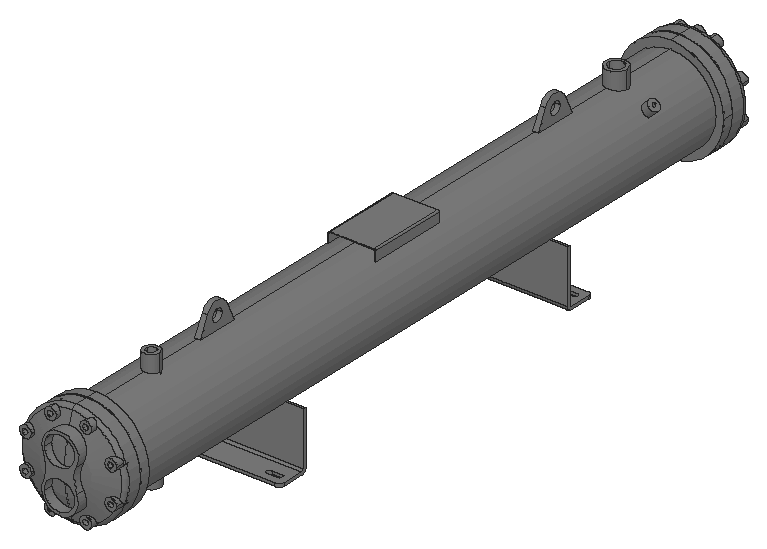
Revit family "MIT-BC_130_4P", category Specialty Equipment, Revit 2022
Family settings
  Round Connector Dimension = Use Radius
  Part Type = Normal
  Work Plane-Based = No
  Always vertical = Yes
  Cut with Voids When Loaded = No
  Maintain Annotation Orientation = No
  Shared = No
  Room Calculation Point = No
Parameters
  URL = "https://en.ekinendustriyel.com/evaporators-and-condensers"
  Test Pressure = 64.35 bar
  Production Standard = "TS EN 13831"
  Operating Pressure = 45.0 bar
  Model = "MIT-BC 130_4P"
  Manufacturer = "Ekin Endüstriyel"
  Keynote = "Condensers"
  Description = "MIT- Condensers"
  Default Elevation = 0 mm
Reference planes
  plane 1 "Center (Front/Back)": y = 0
  plane 2: z = 0
  plane 3 "Center (Left/Right)": x = 0
Forms (mm)
  Extrusion 1, solid, material "Ekin Endustriyel-S235JR", detail levels medium+fine
    sketch origin (0, 0, 0) x (1, 0, 0) y (0, 0, 1)
      loop
        circle (0, 164.15) r 84.15
    from -677.708 to 682.368
  Extrusion 2, solid, material "Ekin Endustriyel-S235JR", detail levels fine
    sketch origin (0, 0, 0) x (1, 0, 0) y (0, 0, 1)
      loop
        line (-45, 235.88) -> (-44, 235.88) -> (-44, 252.88)
        arc (-44, 252.88) -> (-43.414, 254.294) -> (-42, 254.88) r 2
        line (-42, 254.88) -> (42, 254.88)
        arc (42, 254.88) -> (43.414, 254.294) -> (44, 252.88) r 2
        line (44, 252.88) -> (44, 235.88) -> (45, 235.88) -> (45, 252.88)
        arc (45, 252.88) -> (44.121, 255.002) -> (42, 255.88) r 3
        line (42, 255.88) -> (-42, 255.88)
        arc (-42, 255.88) -> (-44.121, 255.002) -> (-45, 252.88) r 3
        line (-45, 252.88) -> (-45, 235.88)
    from -72.707 to 77.293
  Extrusion 3, solid, material "Ekin Endustriyel-S235JR", detail levels fine
    sketch origin (0, 297.897, 0) x (1, 0, 0) y (0, 1, 0)
      loop
        circle (0.015, 249.81) r 20.25
      loop
        circle (0.015, 249.81) r 14.491
    from 278.3 to 204.31
  Extrusion 4, solid, material "Ekin Endustriyel-S235JR", detail levels fine
    sketch origin (0, -301.958, 0) x (1, 0, 0) y (0, 1, 0)
      loop
        circle (0.015, -250.334) r 15.25
      loop
        circle (0.015, -250.334) r 8.928
    from 278.3 to 211.07
  Extrusion 5, solid, material "Ekin Endustriyel-S235JR", detail levels fine
    sketch origin (71.72, 547.563, 235.87) x (0, 1, 0) y (-0.707107, 0, 0.707107)
      loop
        circle (0, 0) r 11
      loop
        circle (0, 0) r 4.216
    from 0 to -32.02
  Extrusion 6, solid, material "Ekin Endustriyel-S235JR", detail levels fine
    sketch origin (0, -302.583, 0) x (1, 0, 0) y (0, 1, 0)
      loop
        circle (0.015, -249.709) r 16.75
      loop
        circle (0.015, -249.709) r 13.335
    from 51.131 to 169.15
  Extrusion 7, solid, material "Ekin Endustriyel-S235JR", detail levels medium+fine
    sketch origin (0, -352.034, 0) x (1, 0, 0) y (0, 0, 1)
      loop
        circle (0, 164.15) r 100
    from 330.334 to 350.334
  Extrusion 8, solid, material "Ekin Endustriyel-S235JR", detail levels medium+fine
    sketch origin (0, 978.042, 0) x (1, 0, 0) y (0, 0, 1)
      loop
        circle (0, 164.15) r 100
    from 280.334 to 300.334
  Revolve 9, solid, material "Ekin Endustriyel-S235JR", detail levels medium+fine
    sketch origin (0, -352.034, 0) x (0, 1, 0) y (0, 0, 1)
      loop
        line (-352.334, 264.15) -> (-377.299, 264.15)
        arc (-377.299, 264.15) -> (-382.802, 262.5) -> (-386.489, 258.094) r 10
        arc (-386.489, 258.094) -> (-401.262, 212.101) -> (-407.122, 164.15) r 255.705
        line (-407.122, 164.15) -> (-352.334, 164.15) -> (-352.334, 264.15)
      axis (-352.334, 164.15) -> (-407.122, 164.15)
    angle from 0 to 360
  Extrusion 10, solid, material "Ekin Endustriyel-S235JR", detail levels medium+fine
    sketch origin (0, 347.373, 0) x (1, 0, 0) y (0, 0, -1)
      loop
        circle (0, -164.15) r 100
    from 330.334 to 350.334
  Revolve 11, solid, material "Ekin Endustriyel-S235JR", detail levels medium+fine
    sketch origin (0, 347.373, 0) x (0, -1, 0) y (0, 0, -1)
      loop
        line (-352.334, -264.15) -> (-352.334, -164.15) -> (-407.122, -164.15)
        arc (-407.122, -164.15) -> (-401.262, -212.101) -> (-386.489, -258.094) r 255.705
        arc (-386.489, -258.094) -> (-382.802, -262.5) -> (-377.299, -264.15) r 10
        line (-377.299, -264.15) -> (-352.334, -264.15)
      axis (-352.334, -164.15) -> (-407.122, -164.15)
    angle from 0 to 360
  Extrusion 12, solid, material "Ekin Endustriyel-S235JR", detail levels coarse
    sketch origin (0, 0, 0) x (1, 0, 0) y (0, 0, 1)
      loop
        circle (0, 164.159) r 99.991
    from -754.707 to 769.293
  Extrusion 13, solid, material "Ekin Endustriyel-S235JR"
    sketch origin (0, 173.042, 0) x (0, 1, 0) y (0, 0, 1)
      loop
        arc (134.666, 9) -> (137.302, 2.636) -> (143.666, 0) r 9
        line (143.666, 0) -> (194.666, 0) -> (194.666, 5) -> (143.666, 5)
        arc (143.666, 5) -> (140.837, 6.172) -> (139.666, 9) r 4
        line (139.666, 9) -> (139.666, 110) -> (134.666, 110) -> (134.666, 9)
    from -100 to 100
  Extrusion 14, void
    sketch origin (0, 367.707, 5) x (0, -1, 0) y (1, 0, 0)
      loop
        line (25.25, 63.5) -> (25.25, 83.5)
        arc (25.25, 83.5) -> (20, 88.75) -> (14.75, 83.5) r 5.25
        line (14.75, 83.5) -> (14.75, 63.5)
        arc (14.75, 63.5) -> (20, 58.25) -> (25.25, 63.5) r 5.25
      loop
        line (10, 100) -> (-10, 100) -> (-10, -100) -> (10, -100)
        arc (10, -100) -> (2.929, -97.071) -> (0, -90) r 10
        line (0, -90) -> (0, 90)
        arc (0, 90) -> (2.929, 97.071) -> (10, 100) r 10
      loop
        arc (14.75, -83.5) -> (20, -88.75) -> (25.25, -83.5) r 5.25
        line (25.25, -83.5) -> (25.25, -63.5)
        arc (25.25, -63.5) -> (20, -58.25) -> (14.75, -63.5) r 5.25
        line (14.75, -63.5) -> (14.75, -83.5)
    from -5 to 0
  Extrusion 15, solid, material "Ekin Endustriyel-S235JR"
    sketch origin (0, -177.627, 0) x (0, -1, 0) y (0, 0, -1)
      loop
        line (134.666, -9) -> (134.666, -110) -> (139.666, -110) -> (139.666, -9)
        arc (139.666, -9) -> (140.837, -6.172) -> (143.666, -5) r 4
        line (143.666, -5) -> (194.666, -5) -> (194.666, 0) -> (143.666, 0)
        arc (143.666, 0) -> (137.302, -2.636) -> (134.666, -9) r 9
    from -100 to 100
  Extrusion 16, void
    sketch origin (0, -372.293, 5) x (0, 1, 0) y (-1, 0, 0)
      loop
        arc (25.25, -63.5) -> (20, -58.25) -> (14.75, -63.5) r 5.25
        line (14.75, -63.5) -> (14.75, -83.5)
        arc (14.75, -83.5) -> (20, -88.75) -> (25.25, -83.5) r 5.25
        line (25.25, -83.5) -> (25.25, -63.5)
      loop
        arc (10, -100) -> (2.929, -97.071) -> (0, -90) r 10
        line (0, -90) -> (0, 90)
        arc (0, 90) -> (2.929, 97.071) -> (10, 100) r 10
        line (10, 100) -> (-10, 100) -> (-10, -100) -> (10, -100)
      loop
        line (14.75, 83.5) -> (14.75, 63.5)
        arc (14.75, 63.5) -> (20, 58.25) -> (25.25, 63.5) r 5.25
        line (25.25, 63.5) -> (25.25, 83.5)
        arc (25.25, 83.5) -> (20, 88.75) -> (14.75, 83.5) r 5.25
    from -5 to 0
  Extrusion 17, solid, material "Ekin Endustriyel-S235JR", detail levels medium+fine
    sketch origin (40, -352.034, 0) x (1, 0, 0) y (0, 0, 1)
      loop
        circle (-39.985, 201.65) r 28.5
      loop
        circle (-39.985, 126.65) r 28.5
      loop
        arc (-8.128, 185.875) -> (-37.187, 236.112) -> (-70.839, 188.829) r 34.5
        arc (-70.839, 188.829) -> (-65.102, 164.15) -> (-70.839, 139.471) r 55.945
        arc (-70.839, 139.471) -> (-38.81, 92.15) -> (-6.781, 139.471) r 34.5
        arc (-6.781, 139.471) -> (-12.495, 162.527) -> (-8.128, 185.875) r 55.945
    from 390.526 to 417.259
  Extrusion 18, solid, material "Ekin Endustriyel-S235JR", detail levels medium+fine
    sketch origin (0, 348.042, 0) x (1, 0, 0) y (0, 0, 1)
      loop
        circle (-80.837, 197.64) r 11
      loop
        circle (-80.837, 197.64) r 5.497
      loop
        circle (-80.837, 130.66) r 11
      loop
        circle (-80.837, 130.66) r 5.497
      loop
        circle (80.837, 197.64) r 11
      loop
        circle (80.837, 197.64) r 5.497
      loop
        circle (80.837, 130.66) r 11
      loop
        circle (80.837, 130.66) r 5.497
      loop
        circle (33.49, 244.987) r 11
      loop
        circle (33.49, 244.987) r 5.497
      loop
        circle (-33.49, 244.987) r 11
      loop
        circle (-33.49, 244.987) r 5.497
      loop
        circle (33.49, 83.313) r 11
      loop
        circle (33.49, 83.313) r 5.497
      loop
        circle (-33.49, 83.313) r 11
      loop
        circle (-33.49, 83.313) r 5.497
      loop
        circle (0, 246.649) r 12.497
      loop
        circle (0, 246.649) r 5.497
      loop
        circle (0, 81.651) r 12.497
      loop
        circle (0, 81.651) r 5.497
    from -396.666 to -367.889
  Extrusion 19, solid, material "Ekin Endustriyel-S235JR", detail levels medium+fine
    sketch origin (0, -352.034, 0) x (1, 0, 0) y (0, 0, -1)
      loop
        circle (-80.837, -197.64) r 11
      loop
        circle (-80.837, -197.64) r 5.497
      loop
        circle (-80.837, -130.66) r 11
      loop
        circle (-80.837, -130.66) r 5.497
      loop
        circle (80.837, -197.64) r 11
      loop
        circle (80.837, -197.64) r 5.497
      loop
        circle (80.837, -130.66) r 11
      loop
        circle (80.837, -130.66) r 5.497
      loop
        circle (33.49, -244.987) r 11
      loop
        circle (33.49, -244.987) r 5.497
      loop
        circle (-33.49, -244.987) r 11
      loop
        circle (-33.49, -244.987) r 5.497
      loop
        circle (33.49, -83.313) r 11
      loop
        circle (33.49, -83.313) r 5.497
      loop
        circle (-33.49, -83.313) r 11
      loop
        circle (-33.49, -83.313) r 5.497
    from -396.666 to -367.889
  Extrusion 20, solid, material "Ekin Endustriyel-S235JR", detail levels medium+fine
    sketch origin (0, 348.042, 0) x (1, 0, 0) y (0, 0, 1)
      loop
        circle (-35.355, 199.505) r 22
      loop
        circle (35.355, 128.795) r 22
    from -406.666 to -351.666
  Extrusion 21, solid, material "Ekin Endustriyel-S235JR", detail levels fine
    sketch origin (0, -0.334, 0) x (0, -1, 0) y (0, 0, -1)
      loop
        line (-438.042, -248.151) -> (-420.514, -284.106)
        arc (-420.514, -284.106) -> (-398.042, -298.151) -> (-375.57, -284.106) r 25
        line (-375.57, -284.106) -> (-358.042, -248.151) -> (-438.042, -248.151)
      loop
        circle (-398.042, -273.151) r 12.5
      loop
        line (441.958, -248.151) -> (361.958, -248.151) -> (379.486, -284.106)
        arc (379.486, -284.106) -> (401.958, -298.151) -> (424.43, -284.106) r 25
        line (424.43, -284.106) -> (441.958, -248.151)
      loop
        circle (401.958, -273.151) r 12.5
    from -5 to 5
Cuts and joins
  Extrusion 14, Extrusion 16 cuts Extrusion 13
  Extrusion 16 cuts Extrusion 15
Dimensions and locks
  aligned and locked: level to plane 2
Connectors
  piping at (0.015, -769.293, 201.65), diameter 50.8
    settings: on Extrusion 17, index 1, connector inside diameter 609.6 mm, connector length 0 mm, flow factor 0, pipe flow 0.0 L/s, pressure drop 0.0 Pa, fitting loss kfactor 0, connector angle 0.00°, fixture units 0, engagement length 0 mm, angle of deflection 0.00°, flow configuration 0, flow direction 1, fitting loss method 0, system type 7, joint type 0, gender type 0, connector reference index -1, connector utility 0, adjustable connector no, is connector primary yes, connector description ""
  piping at (0.015, -769.293, 126.65), diameter 50.8
    settings: on Extrusion 17, index 2, connector inside diameter 609.6 mm, connector length 0 mm, flow factor 0, pipe flow 0.0 L/s, pressure drop 0.0 Pa, fitting loss kfactor 0, connector angle 0.00°, fixture units 0, engagement length 0 mm, angle of deflection 0.00°, flow configuration 0, flow direction 2, fitting loss method 0, system type 7, joint type 0, gender type 0, connector reference index -1, connector utility 0, adjustable connector no, is connector primary no, connector description ""
  hvac at (0.015, 547.707, 278.3)
    settings: on Extrusion 3, index 3, duct flow 0.0 L/s, flow factor 0, pres drop 0.0 bar, loss coef 0, conn angle 0.00°, conn width 304.8 mm, conn height 304.8 mm, conn diameter 35 mm, duct sys type 3, conn prof type 0, flow config 0, flow direction 0, loss method 0, conn ref index -1, conn util no, is conn primary yes, conn desc ""
  hvac at (0.015, -552.293, 51.131)
    settings: on Extrusion 6, index 4, duct flow 0.0 L/s, flow factor 0, pres drop 0.0 bar, loss coef 0, conn angle 0.00°, conn width 304.8 mm, conn height 304.8 mm, conn diameter 28 mm, duct sys type 3, conn prof type 0, flow config 0, flow direction 0, loss method 0, conn ref index -1, conn util no, is conn primary no, conn desc ""
